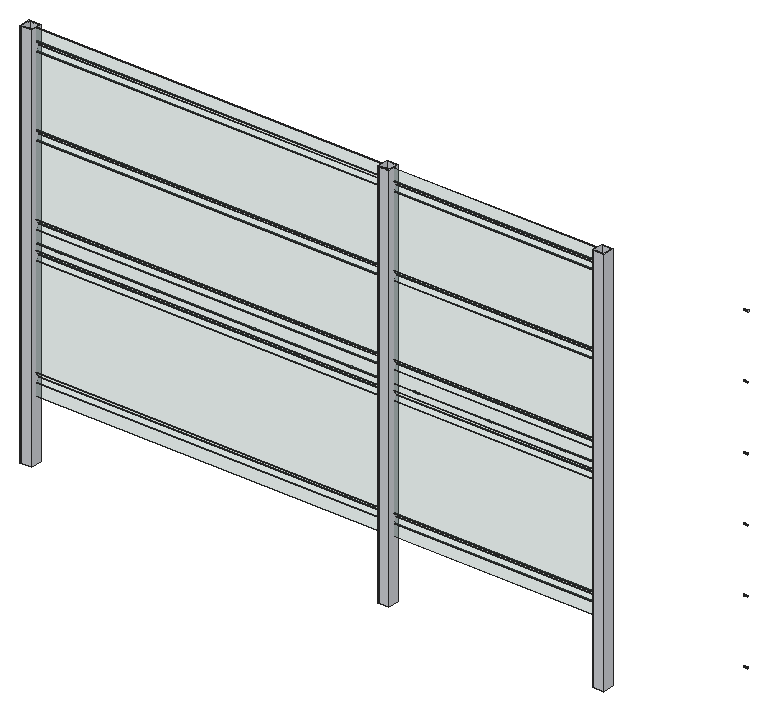
Revit family "Ограждение_Составное_Панель_3D_3100", category Специальное оборудование, Revit 2019
Family settings
  Размер круглого соединителя = Использовать диаметр
  Тип детали = Нормальный
  При загрузке вырезать с полостями = Нет
  Общий = Нет
  Точка расчета площади = Нет
Parameters (values of type "Панель 3100_Под бетон_Столб 100х100")
  Ячейка 50х200 [instance] = not(Ячейка 50х150)  # no
  Ячейка 50х150 [instance] = yes
  Ширина столба = 100 mm
  Ширина резаной [instance] = if(not(Шаг последнего столба - Ширина столба > 0 mm), 1 mm, Шаг последнего столба - Ширина столба)  # 1820 mm
  Ширина панели = 3100 mm
  Ширина 1ой панели [instance] = if([built-in parameter 1001306] < Шаг столбов, 1 mm, Шаг столбов - Ширина столба)  # 3100 mm
  Шаг столбов [instance] = Ширина панели + Ширина столба  # 3200 mm
  Условное обозначение [instance] = no
  Толщина стенки столба [instance] = 3 mm
  Тип крепежа [instance] = 2
  Таблица высот [instance] = "Таблица высот"  # constant formula
  С фланцем под В.О. = not(or(Под бетонирование, С фланцем))  # no
  С фланцем = no
  Показать последний [instance] = yes
  Показать первый [instance] = yes
  Шаг последнего столба [instance] = if(if(not([built-in parameter 1001306] > Шаг столбов), [built-in parameter 1001306], [built-in parameter 1001306] - (rounddown([built-in parameter 1001306] / Шаг столбов) * Шаг столбов)) = 0 mm, Шаг столбов, if(not([built-in parameter 1001306] > Шаг столбов), [built-in parameter 1001306], [built-in parameter 1001306] - (rounddown([built-in parameter 1001306] / Шаг столбов) * Шаг столбов)))  # 1920 mm
  Расчёт ячейки [instance] = if(Ячейка 50х200, 0, 1)  # 1
  Пруток D=6мм [instance] = not(or([Пруток D=4мм], [Пруток D=5мм]))  # no
  Пруток D=5мм [instance] = yes
  Пруток D=4мм [instance] = no
  Показать средний столб [instance] = N панелей = 2  # yes
  Под насадку число [instance] = if(Под насадку, 1, 0)  # 0
  Под насадку [instance] = no
  Под бетонирование = yes
  Отступ панели от основания = 40 mm
  Отступ панели = Ширина столба / 2  # 50 mm
  Инструкция [instance] = "https://docs.google.com/document/d/1Hms8PFiwyIDvWBDE-Iiht7COViz2qMQb2RMvPFaeq4U/edit#heading=h.gjdgxs"
  Изготовитель = [ADSK_Завод-изготовитель]  # "FENSYS"
  built-in parameter 1001306 [instance] = 5120 mm
  Диаметр сваи [instance] = 57 mm
  Группа модели = "Ограждение"  # constant formula
  Глубина столба = 100 mm
  Высота столба [instance] = Отступ панели от основания + Высота нижней панели + Высота верхней панели  # 3000 mm
  Высота сваи [instance] = 1000 mm
  Высота панели [instance] = Ограничитель высоты - 40 mm  # 2960 mm
  Расчет D прутка [instance] = if([Пруток D=4мм], 1, if([Пруток D=5мм], 2, 0))  # 2
  Высота нижней панели [instance] = Ограничитель высоты - 40 mm - Высота верхней панели  # 1230 mm
  Высота межпанельного крепежа [instance] = Высота нижней панели + 40 mm  # 1270 mm
  Ограничитель высоты [instance] = roundup(if(Высота забора < 3000 mm, 3000 mm, if(Высота забора > 4900 mm, 4900 mm, Высота забора)) / 100 mm) * 100 mm  # 3000 mm
  Высота забора [instance] = 3000 mm
  Высота верхней панели [instance] = size_lookup(Таблица высот, "Высота нижней панели", 500 mm, Ограничитель высоты)  # 1730 mm
  Выбор типа основания [instance] = if(Под бетонирование, 1, if(С фланцем, 2, 0))  # 1
  Видимость соединителей первой панели [instance] = and([built-in parameter 1001306] > Шаг столбов, [built-in parameter 1001306] < Шаг столбов * 2)  # yes
  Видимость массива соединителей последней панели [instance] = and(not(Шаг последнего столба - Ширина столба < 1000 mm), not([built-in parameter 1001306] = Шаг столбов * 2))  # yes
  Видимость одного соединителя последней панели [instance] = and(Шаг последнего столба - Ширина столба < 1000 mm, Шаг последнего столба - Ширина столба > 500 mm)  # no
  Видимость массива столбов [instance] = N панелей > 2  # no
  Видимость соединителей массива [instance] = not([built-in parameter 1001306] < Шаг столбов * 2)  # no
  Видимость массива панелей [instance] = N панелей > 2  # no
  Видимость 1ой панели [instance] = N панелей = 2  # yes
  URL = "https://www.fensys.ru/oprosnyy-list/"
  N столбов в массиве [instance] = if((N панелей - 1) < 2, 2, N панелей - 1)  # 2
  N панелей в массиве [instance] = if(N панелей > 2, N панелей - 1, 2)  # 2
  N панелей [instance] = if([built-in parameter 1001306] > Шаг столбов, roundup([built-in parameter 1001306] / Шаг столбов), 1)  # 2
  ADSK_Размер_Длина [instance] = [built-in parameter 1001306]  # 5120 mm
  ADSK_Наименование = "Ограждение составное 3д - Панель 3100_Под бетон_Столб 100х100"
  ADSK_Завод-изготовитель = "FENSYS"  # constant formula
  ADSK_Единица измерения = "м."  # constant formula
Reference planes
  plane 1 "По центру (Вперед/Назад)": y = 0
  plane 2: z = 0
  plane 3 "Слева": x = 0
  plane 4 "Справа": x = 5120
  plane 5 "Верх стойки": z = 3000
  plane 6: x = 3200
  plane 7: x = 6400
  plane 8 "ось предпоследнего столба": x = 3200
  plane 9 "Низ нижней панели": z = 40
  plane 10 "По центру Л/С": z = 1270
Lines and regions (mm)
  reference lines
    curve 1: line (0, 0, 0) -> (5120, 0, 0)
Dimensions and locks
  "built-in parameter 1001306": plane 3 "Слева" to plane 4 "Справа"
  "Ограничитель высоты": plane 5 "Верх стойки" to level
  "Шаг столбов": plane 3 "Слева" to plane 6
  "Шаг столбов": plane 6 to plane 7
  "Шаг последнего столба": plane 8 "ось предпоследнего столба" to plane 4 "Справа"
  group 1 to group 2 = 3200 mm
  group 1 to group 2 = 0 mm  (x2)
  group 3 to group 4 = 3200 mm
  group 3 to group 4 = 0 mm  (x2)
  locked: plane 9 "Низ нижней панели" to plane 2 at 40
  "Высота нижней панели": plane 10 "По центру Л/С" to plane 9 "Низ нижней панели"
  plane 5 "Верх стойки" to plane 9 "Низ нижней панели" = 2960 mm
  group 5 to group 6 = 3200 mm
  group 5 to group 6 = 0 mm  (x2)
  group 7 to group 8 = 3200 mm
  group 7 to group 8 = 0 mm  (x2)
  aligned and locked: plane 4 "Справа" to curve 1
  aligned and locked: plane 1 "По центру (Вперед/Назад)" to curve 1
  aligned and locked: plane 3 "Слева" to curve 1
  aligned and locked: level to plane 2
  aligned and locked: plane 3 "Слева" to nested 1
  aligned and locked: plane 1 "По центру (Вперед/Назад)" to nested 1
  aligned and locked: plane 6 to nested 2
  aligned and locked: curve 1 to nested 2
  aligned and locked: curve 1 to nested 3
  aligned and locked: plane 4 "Справа" to nested 4
  aligned and locked: plane 3 "Слева" to nested 5
  aligned and locked: plane 6 to nested 6
  aligned and locked: plane 1 "По центру (Вперед/Назад)" to nested 5
  aligned and locked: plane 1 "По центру (Вперед/Назад)" to nested 6
  aligned and locked: nested 7 to curve 1
  aligned and locked: plane 1 "По центру (Вперед/Назад)" to nested 7
  aligned and locked: plane 6 to nested 8
  aligned and locked: plane 6 to nested 7
  aligned and locked: plane 9 "Низ нижней панели" to nested 5
  aligned and locked: plane 9 "Низ нижней панели" to nested 8
  aligned and locked: plane 9 "Низ нижней панели" to nested 4
  aligned and locked: plane 9 "Низ нижней панели" to nested 7
  aligned and locked: plane 10 "По центру Л/С" to nested 26
  aligned and locked: plane 4 "Справа" to nested 26
  aligned and locked: nested 3 to plane 4 "Справа"
  aligned and locked: nested 26 to plane 10 "По центру Л/С"
  aligned and locked: plane 5 "Верх стойки" to nested 1  (x2)
  aligned and locked: plane 5 "Верх стойки" to nested 2
  aligned and locked: plane 5 "Верх стойки" to nested 3  (x2)
  aligned and locked: plane 10 "По центру Л/С" to nested 25
  aligned and locked: plane 10 "По центру Л/С" to nested 53
  aligned and locked: plane 7 to nested 44
  aligned and locked: plane 6 to nested 27
  aligned and locked: plane 10 "По центру Л/С" to nested 4  (x2)
  aligned and locked: plane 10 "По центру Л/С" to nested 27
  aligned and locked: nested 27 to plane 10 "По центру Л/С"
  aligned and locked: plane 10 "По центру Л/С" to nested 8  (x2)
  aligned and locked: plane 3 "Слева" to nested 54
  aligned and locked: plane 6 to nested 55
  aligned and locked: plane 8 "ось предпоследнего столба" to nested 56
  aligned and locked: plane 3 "Слева" to nested 57
  aligned and locked: plane 1 "По центру (Вперед/Назад)" to nested 54
  aligned and locked: plane 1 "По центру (Вперед/Назад)" to nested 55
  aligned and locked: plane 1 "По центру (Вперед/Назад)" to nested 56
  aligned and locked: plane 1 "По центру (Вперед/Назад)" to nested 57
  aligned and locked: plane 5 "Верх стойки" to nested 6
Nested families
  nested 1: "В_Столб" at (0, 0, 0), visible <- "Показать первый", ADSK_Размер_Толщина стенки <- "Толщина стенки столба", ADSK_Размер_Глубина <- "Глубина столба", Диаметр сваи <- "Диаметр сваи", Высота сваи <- "Высота сваи", Под бетонирование <- "Под бетонирование", С фланцем <- "С фланцем", С фланцем под в.о. <- "С фланцем под В.О.", ADSK_Размер_Ширина <- "Ширина столба", ADSK_Комплект <- "Группа модели", Под насадку <- "Под насадку", Тип крепежа <- "Тип крепежа", Условное обозначение <- "Условное обозначение", Высота забора <- "Ограничитель высоты", type "Столб"
    with Условное обозначение no, Тип крепежа 2, Таблица "Столб новый", С фланцем под в.о. no, С фланцем no, Под насадку число 1, Под насадку no, Под бетонирование yes, Ограничитель крепежа 2, Крепеж в массиве 6, Длина под бетонирование 500 mm, Диаметр сваи 57 mm, Высота сваи 1000 mm, Высота забора 3000 mm, Выбор типа крепления 1, N крепежа в массиве 6, ADSK_Размер_Ширина 100 mm, ADSK_Размер_Толщина стенки 3 mm, ADSK_Размер_Глубина 100 mm, ADSK_Размер_Высота 3000 mm, ADSK_Обозначение "SI", ADSK_Наименование "Столб ограждения (под насадку): профиль 100x100x3 мм, L= 3000 мм, под бетонирование", ADSK_Масса 27.9, ADSK_Комплект "Ограждение", ADSK_Код изделия "21731N"
  nested 2: "В_Столб" at (3200, 0, 0), visible <- "Показать средний столб", ADSK_Размер_Толщина стенки <- "Толщина стенки столба", ADSK_Размер_Глубина <- "Глубина столба", Диаметр сваи <- "Диаметр сваи", Высота сваи <- "Высота сваи", Под бетонирование <- "Под бетонирование", С фланцем <- "С фланцем", С фланцем под в.о. <- "С фланцем под В.О.", ADSK_Размер_Ширина <- "Ширина столба", ADSK_Комплект <- "Группа модели", Под насадку <- "Под насадку", Тип крепежа <- "Тип крепежа", Условное обозначение <- "Условное обозначение", Высота забора <- "Ограничитель высоты", type "Столб"
    with Условное обозначение no, Тип крепежа 2, Таблица "Столб новый", С фланцем под в.о. no, С фланцем no, Под насадку число 1, Под насадку no, Под бетонирование yes, Ограничитель крепежа 2, Крепеж в массиве 6, Длина под бетонирование 500 mm, Диаметр сваи 57 mm, Высота сваи 1000 mm, Высота забора 3000 mm, Выбор типа крепления 1, N крепежа в массиве 6, ADSK_Размер_Ширина 100 mm, ADSK_Размер_Толщина стенки 3 mm, ADSK_Размер_Глубина 100 mm, ADSK_Размер_Высота 3000 mm, ADSK_Обозначение "SI", ADSK_Наименование "Столб ограждения (под насадку): профиль 100x100x3 мм, L= 3000 мм, под бетонирование", ADSK_Масса 27.9, ADSK_Комплект "Ограждение", ADSK_Код изделия "21731N"
  nested 3: "В_Столб" at (5120, 0, 0), visible <- "Показать последний", ADSK_Размер_Толщина стенки <- "Толщина стенки столба", ADSK_Размер_Глубина <- "Глубина столба", Диаметр сваи <- "Диаметр сваи", Высота сваи <- "Высота сваи", Под бетонирование <- "Под бетонирование", С фланцем <- "С фланцем", С фланцем под в.о. <- "С фланцем под В.О.", ADSK_Размер_Ширина <- "Ширина столба", ADSK_Комплект <- "Группа модели", Под насадку <- "Под насадку", Тип крепежа <- "Тип крепежа", Условное обозначение <- "Условное обозначение", Высота забора <- "Ограничитель высоты", type "Столб"
    with Условное обозначение no, Тип крепежа 2, Таблица "Столб новый", С фланцем под в.о. no, С фланцем no, Под насадку число 1, Под насадку no, Под бетонирование yes, Ограничитель крепежа 2, Крепеж в массиве 6, Длина под бетонирование 500 mm, Диаметр сваи 57 mm, Высота сваи 1000 mm, Высота забора 3000 mm, Выбор типа крепления 1, N крепежа в массиве 6, ADSK_Размер_Ширина 100 mm, ADSK_Размер_Толщина стенки 3 mm, ADSK_Размер_Глубина 100 mm, ADSK_Размер_Высота 3000 mm, ADSK_Обозначение "SI", ADSK_Наименование "Столб ограждения (под насадку): профиль 100x100x3 мм, L= 3000 мм, под бетонирование", ADSK_Масса 27.9, ADSK_Комплект "Ограждение", ADSK_Код изделия "21731N"
  nested 4: "В_Панель" at (3200, 0, 0), ADSK_Размер_Высота <- "Высота нижней панели", Отступ панели от основания <- "Отступ панели от основания", Отступ панели <- "Отступ панели", Размер ячейки <- "Расчёт ячейки", Размер прутка <- "Расчет D прутка", ADSK_Размер_Ширина <- "Ширина резаной", Тип крепежа <- "Тип крепежа", ADSK_Комплект <- "Группа модели", type "Панель 2500"
    with Тип крепежа 2, Таблица масса "Панель масса", Расчетная длина 1920 mm, Размер ячейки 1, Размер прутка 2, Отступ панели от основания 40 mm, Отступ панели 50 mm, Высота дубляж 1230 mm, Высота V5 3030 mm, Высота V4 2830 mm, Высота V3 1930 mm, Высота V2 1230 mm, V5 no, V4 no, V3 no, V2 yes, ADSK_Размер_Ширина 1820 mm, ADSK_Размер_Высота 1230 mm, ADSK_Примечание "", ADSK_Обозначение "GUARD-G", ADSK_Наименование "Панель под подрезку", ADSK_Масса 0, ADSK_Комплект "Ограждение", ADSK_Код изделия " "
  nested 5: "В_Панель" at (0, 0, 0), ADSK_Размер_Высота <- "Высота нижней панели", Отступ панели от основания <- "Отступ панели от основания", Отступ панели <- "Отступ панели", visible <- "Видимость массива панелей", Размер ячейки <- "Расчёт ячейки", Размер прутка <- "Расчет D прутка", Тип крепежа <- "Тип крепежа", ADSK_Комплект <- "Группа модели", ADSK_Размер_Ширина <- "Ширина панели", type "Панель 2500"
    with Тип крепежа 2, Таблица масса "Панель масса", Расчетная длина 3200 mm, Размер ячейки 1, Размер прутка 2, Отступ панели от основания 40 mm, Отступ панели 50 mm, Высота дубляж 1230 mm, Высота V5 3030 mm, Высота V4 2830 mm, Высота V3 1930 mm, Высота V2 1230 mm, V5 no, V4 no, V3 no, V2 yes, ADSK_Размер_Ширина 3100 mm, ADSK_Размер_Высота 1230 mm, ADSK_Примечание "", ADSK_Обозначение "GUARD-G", ADSK_Наименование "Панель 3D серии GUARD-T: HxW (высота х ширина) 1230x3105 (+-2) мм, пруток D=5 мм, ячейка = 50х150 мм, V-образных изгибов 2", ADSK_Масса 17, ADSK_Комплект "Ограждение", ADSK_Код изделия "20004"
  nested 6: "В_Столб" at (3200, 0, 0), visible <- "Видимость массива столбов", ADSK_Размер_Толщина стенки <- "Толщина стенки столба", ADSK_Размер_Глубина <- "Глубина столба", Диаметр сваи <- "Диаметр сваи", Высота сваи <- "Высота сваи", Под бетонирование <- "Под бетонирование", С фланцем <- "С фланцем", С фланцем под в.о. <- "С фланцем под В.О.", ADSK_Размер_Ширина <- "Ширина столба", ADSK_Комплект <- "Группа модели", Под насадку <- "Под насадку", Тип крепежа <- "Тип крепежа", Условное обозначение <- "Условное обозначение", Высота забора <- "Ограничитель высоты", type "Столб"
    with Условное обозначение no, Тип крепежа 2, Таблица "Столб новый", С фланцем под в.о. no, С фланцем no, Под насадку число 1, Под насадку no, Под бетонирование yes, Ограничитель крепежа 2, Крепеж в массиве 6, Длина под бетонирование 500 mm, Диаметр сваи 57 mm, Высота сваи 1000 mm, Высота забора 3000 mm, Выбор типа крепления 1, N крепежа в массиве 6, ADSK_Размер_Ширина 100 mm, ADSK_Размер_Толщина стенки 3 mm, ADSK_Размер_Глубина 100 mm, ADSK_Размер_Высота 3000 mm, ADSK_Обозначение "SI", ADSK_Наименование "Столб ограждения (под насадку): профиль 100x100x3 мм, L= 3000 мм, под бетонирование", ADSK_Масса 27.9, ADSK_Комплект "Ограждение", ADSK_Код изделия "21731N"
  nested 7: "В_Панель" at (0, 0, 0), ADSK_Размер_Высота <- "Высота нижней панели", Отступ панели от основания <- "Отступ панели от основания", Отступ панели <- "Отступ панели", visible <- "Видимость 1ой панели", Размер ячейки <- "Расчёт ячейки", Размер прутка <- "Расчет D прутка", Тип крепежа <- "Тип крепежа", ADSK_Комплект <- "Группа модели", ADSK_Размер_Ширина <- "Ширина 1ой панели", type "Панель 2500"
    with Тип крепежа 2, Таблица масса "Панель масса", Расчетная длина 3200 mm, Размер ячейки 1, Размер прутка 2, Отступ панели от основания 40 mm, Отступ панели 50 mm, Высота дубляж 1230 mm, Высота V5 3030 mm, Высота V4 2830 mm, Высота V3 1930 mm, Высота V2 1230 mm, V5 no, V4 no, V3 no, V2 yes, ADSK_Размер_Ширина 3100 mm, ADSK_Размер_Высота 1230 mm, ADSK_Примечание "", ADSK_Обозначение "GUARD-G", ADSK_Наименование "Панель 3D серии GUARD-T: HxW (высота х ширина) 1230x3105 (+-2) мм, пруток D=5 мм, ячейка = 50х150 мм, V-образных изгибов 2", ADSK_Масса 17, ADSK_Комплект "Ограждение", ADSK_Код изделия "20004"
  nested 8: "В_Панель" at (3200, 0, 0), ADSK_Размер_Высота <- "Высота нижней панели", Отступ панели от основания <- "Отступ панели от основания", Отступ панели <- "Отступ панели", visible <- "Видимость массива панелей", Размер ячейки <- "Расчёт ячейки", Размер прутка <- "Расчет D прутка", Тип крепежа <- "Тип крепежа", ADSK_Комплект <- "Группа модели", ADSK_Размер_Ширина <- "Ширина панели", type "Панель 2500"
    with Тип крепежа 2, Таблица масса "Панель масса", Расчетная длина 3200 mm, Размер ячейки 1, Размер прутка 2, Отступ панели от основания 40 mm, Отступ панели 50 mm, Высота дубляж 1230 mm, Высота V5 3030 mm, Высота V4 2830 mm, Высота V3 1930 mm, Высота V2 1230 mm, V5 no, V4 no, V3 no, V2 yes, ADSK_Размер_Ширина 3100 mm, ADSK_Размер_Высота 1230 mm, ADSK_Примечание "", ADSK_Обозначение "GUARD-G", ADSK_Наименование "Панель 3D серии GUARD-T: HxW (высота х ширина) 1230x3105 (+-2) мм, пруток D=5 мм, ячейка = 50х150 мм, V-образных изгибов 2", ADSK_Масса 17, ADSK_Комплект "Ограждение", ADSK_Код изделия "20004"
  nested 9: "В_Крепеж" at (0, 0, 2965), type "Крепеж"
    with Ширина столба 0 mm, Тип крепежа 2, Путь к таблице "Таблица крепежей", Видимость метизов yes, Y насадка no, ADSK_Обозначение "Крепеж", ADSK_Наименование "Скоба F50", ADSK_Комплект "Ограждение", ADSK_Количество 1, ADSK_Код изделия "8903K"
  nested 10: "В_Крепеж" at (0, 0, 104.903), type "Крепеж"
    with Ширина столба 0 mm, Тип крепежа 2, Путь к таблице "Таблица крепежей", Видимость метизов yes, Y насадка no, ADSK_Обозначение "Крепеж", ADSK_Наименование "Скоба F50", ADSK_Комплект "Ограждение", ADSK_Количество 1, ADSK_Код изделия "8903K"
  nested 11: "В_Крепеж" at (3200, 0, 2965), type "Крепеж"
    with Ширина столба 0 mm, Тип крепежа 2, Путь к таблице "Таблица крепежей", Видимость метизов yes, Y насадка no, ADSK_Обозначение "Крепеж", ADSK_Наименование "Скоба F50", ADSK_Комплект "Ограждение", ADSK_Количество 1, ADSK_Код изделия "8903K"
  nested 12: "В_Крепеж" at (3200, 0, 104.903), type "Крепеж"
    with Ширина столба 0 mm, Тип крепежа 2, Путь к таблице "Таблица крепежей", Видимость метизов yes, Y насадка no, ADSK_Обозначение "Крепеж", ADSK_Наименование "Скоба F50", ADSK_Комплект "Ограждение", ADSK_Количество 1, ADSK_Код изделия "8903K"
  nested 13: "В_Крепеж" at (5120, 0, 2965), type "Крепеж"
    with Ширина столба 0 mm, Тип крепежа 2, Путь к таблице "Таблица крепежей", Видимость метизов yes, Y насадка no, ADSK_Обозначение "Крепеж", ADSK_Наименование "Скоба F50", ADSK_Комплект "Ограждение", ADSK_Количество 1, ADSK_Код изделия "8903K"
  nested 14: "В_Крепеж" at (5120, 0, 104.903), type "Крепеж"
    with Ширина столба 0 mm, Тип крепежа 2, Путь к таблице "Таблица крепежей", Видимость метизов yes, Y насадка no, ADSK_Обозначение "Крепеж", ADSK_Наименование "Скоба F50", ADSK_Комплект "Ограждение", ADSK_Количество 1, ADSK_Код изделия "8903K"
  nested 15: "В_Крепеж" at (3200, 0, 2965), type "Крепеж"
    with Ширина столба 0 mm, Тип крепежа 2, Путь к таблице "Таблица крепежей", Видимость метизов yes, Y насадка no, ADSK_Обозначение "Крепеж", ADSK_Наименование "Скоба F50", ADSK_Комплект "Ограждение", ADSK_Количество 1, ADSK_Код изделия "8903K"
  nested 16: "В_Крепеж" at (3200, 0, 104.903), type "Крепеж"
    with Ширина столба 0 mm, Тип крепежа 2, Путь к таблице "Таблица крепежей", Видимость метизов yes, Y насадка no, ADSK_Обозначение "Крепеж", ADSK_Наименование "Скоба F50", ADSK_Комплект "Ограждение", ADSK_Количество 1, ADSK_Код изделия "8903K"
  nested 17: "В_Метизы" at (20, 0, 2965), type "Метизы"
    with Тип крепежа 2, Путь к таблице "Таблица метизов", ADSK_Наименование "Комплект метизов «В» для крепления скобы из нержавеющей стали (Винт М8х30 ISO 7380 А2   - 4 шт., Шайба D8 DIN 125 А2-70 - 4 шт.,Шайба 8 DIN 127 нерж.)", ADSK_Комплект "Ограждение", ADSK_Количество 1, ADSK_Код изделия "8923"
  nested 18: "В_Метизы" at (20, 0, 104.903), type "Метизы"
    with Тип крепежа 2, Путь к таблице "Таблица метизов", ADSK_Наименование "Комплект метизов «В» для крепления скобы из нержавеющей стали (Винт М8х30 ISO 7380 А2   - 4 шт., Шайба D8 DIN 125 А2-70 - 4 шт.,Шайба 8 DIN 127 нерж.)", ADSK_Комплект "Ограждение", ADSK_Количество 1, ADSK_Код изделия "8923"
  nested 19: "В_Метизы" at (3220, 0, 2965), type "Метизы"
    with Тип крепежа 2, Путь к таблице "Таблица метизов", ADSK_Наименование "Комплект метизов «В» для крепления скобы из нержавеющей стали (Винт М8х30 ISO 7380 А2   - 4 шт., Шайба D8 DIN 125 А2-70 - 4 шт.,Шайба 8 DIN 127 нерж.)", ADSK_Комплект "Ограждение", ADSK_Количество 1, ADSK_Код изделия "8923"
  nested 20: "В_Метизы" at (3220, 0, 104.903), type "Метизы"
    with Тип крепежа 2, Путь к таблице "Таблица метизов", ADSK_Наименование "Комплект метизов «В» для крепления скобы из нержавеющей стали (Винт М8х30 ISO 7380 А2   - 4 шт., Шайба D8 DIN 125 А2-70 - 4 шт.,Шайба 8 DIN 127 нерж.)", ADSK_Комплект "Ограждение", ADSK_Количество 1, ADSK_Код изделия "8923"
  nested 21: "В_Метизы" at (5140, 0, 2965), type "Метизы"
    with Тип крепежа 2, Путь к таблице "Таблица метизов", ADSK_Наименование "Комплект метизов «В» для крепления скобы из нержавеющей стали (Винт М8х30 ISO 7380 А2   - 4 шт., Шайба D8 DIN 125 А2-70 - 4 шт.,Шайба 8 DIN 127 нерж.)", ADSK_Комплект "Ограждение", ADSK_Количество 1, ADSK_Код изделия "8923"
  nested 22: "В_Метизы" at (5140, 0, 104.903), type "Метизы"
    with Тип крепежа 2, Путь к таблице "Таблица метизов", ADSK_Наименование "Комплект метизов «В» для крепления скобы из нержавеющей стали (Винт М8х30 ISO 7380 А2   - 4 шт., Шайба D8 DIN 125 А2-70 - 4 шт.,Шайба 8 DIN 127 нерж.)", ADSK_Комплект "Ограждение", ADSK_Количество 1, ADSK_Код изделия "8923"
  nested 23: "В_Метизы" at (3220, 0, 2965), type "Метизы"
    with Тип крепежа 2, Путь к таблице "Таблица метизов", ADSK_Наименование "Комплект метизов «В» для крепления скобы из нержавеющей стали (Винт М8х30 ISO 7380 А2   - 4 шт., Шайба D8 DIN 125 А2-70 - 4 шт.,Шайба 8 DIN 127 нерж.)", ADSK_Комплект "Ограждение", ADSK_Количество 1, ADSK_Код изделия "8923"
  nested 24: "В_Метизы" at (3220, 0, 104.903), type "Метизы"
    with Тип крепежа 2, Путь к таблице "Таблица метизов", ADSK_Наименование "Комплект метизов «В» для крепления скобы из нержавеющей стали (Винт М8х30 ISO 7380 А2   - 4 шт., Шайба D8 DIN 125 А2-70 - 4 шт.,Шайба 8 DIN 127 нерж.)", ADSK_Комплект "Ограждение", ADSK_Количество 1, ADSK_Код изделия "8923"
  nested 25: "В_Панель" at (0, 0, 1230), ADSK_Размер_Высота <- "Высота верхней панели", Отступ панели от основания <- "Отступ панели от основания", Отступ панели <- "Отступ панели", visible <- "Видимость массива панелей", Размер ячейки <- "Расчёт ячейки", Размер прутка <- "Расчет D прутка", Тип крепежа <- "Тип крепежа", ADSK_Комплект <- "Группа модели", ADSK_Размер_Ширина <- "Ширина панели", type "Панель 2500"
    with Тип крепежа 2, Таблица масса "Панель масса", Расчетная длина 3200 mm, Размер ячейки 1, Размер прутка 2, Отступ панели от основания 40 mm, Отступ панели 50 mm, Высота дубляж 2830 mm, Высота V5 3030 mm, Высота V4 2830 mm, Высота V3 1730 mm, Высота V2 1430 mm, V5 no, V4 no, V3 yes, V2 no, ADSK_Размер_Ширина 3100 mm, ADSK_Размер_Высота 1730 mm, ADSK_Примечание "", ADSK_Обозначение "GUARD-G", ADSK_Наименование "Панель 3D серии GUARD-T: HxW (высота х ширина) 1730x3105 (+-2) мм, пруток D=5 мм, ячейка = 50х150 мм, V-образных изгибов 3", ADSK_Масса 24, ADSK_Комплект "Ограждение", ADSK_Код изделия "20009"
  nested 26: "В_Панель" at (3200, 0, 1230), ADSK_Размер_Высота <- "Высота верхней панели", Отступ панели от основания <- "Отступ панели от основания", Отступ панели <- "Отступ панели", Размер ячейки <- "Расчёт ячейки", Размер прутка <- "Расчет D прутка", ADSK_Размер_Ширина <- "Ширина резаной", Тип крепежа <- "Тип крепежа", ADSK_Комплект <- "Группа модели", type "Панель 2500"
    with Тип крепежа 2, Таблица масса "Панель масса", Расчетная длина 1920 mm, Размер ячейки 1, Размер прутка 2, Отступ панели от основания 40 mm, Отступ панели 50 mm, Высота дубляж 2830 mm, Высота V5 3030 mm, Высота V4 2830 mm, Высота V3 1730 mm, Высота V2 1430 mm, V5 no, V4 no, V3 yes, V2 no, ADSK_Размер_Ширина 1820 mm, ADSK_Размер_Высота 1730 mm, ADSK_Примечание "", ADSK_Обозначение "GUARD-G", ADSK_Наименование "Панель под подрезку", ADSK_Масса 0, ADSK_Комплект "Ограждение", ADSK_Код изделия " "
  nested 27: "В_Панель" at (3200, 0, 1230), ADSK_Размер_Высота <- "Высота верхней панели", Отступ панели от основания <- "Отступ панели от основания", Отступ панели <- "Отступ панели", visible <- "Видимость массива панелей", Размер ячейки <- "Расчёт ячейки", Размер прутка <- "Расчет D прутка", Тип крепежа <- "Тип крепежа", ADSK_Комплект <- "Группа модели", ADSK_Размер_Ширина <- "Ширина панели", type "Панель 2500"
    with Тип крепежа 2, Таблица масса "Панель масса", Расчетная длина 3200 mm, Размер ячейки 1, Размер прутка 2, Отступ панели от основания 40 mm, Отступ панели 50 mm, Высота дубляж 2830 mm, Высота V5 3030 mm, Высота V4 2830 mm, Высота V3 1730 mm, Высота V2 1430 mm, V5 no, V4 no, V3 yes, V2 no, ADSK_Размер_Ширина 3100 mm, ADSK_Размер_Высота 1730 mm, ADSK_Примечание "", ADSK_Обозначение "GUARD-G", ADSK_Наименование "Панель 3D серии GUARD-T: HxW (высота х ширина) 1730x3105 (+-2) мм, пруток D=5 мм, ячейка = 50х150 мм, V-образных изгибов 3", ADSK_Масса 24, ADSK_Комплект "Ограждение", ADSK_Код изделия "20009"
  nested 28: "В_Крепеж" at (0, 0, 676.923), type "Крепеж"
    with Ширина столба 0 mm, Тип крепежа 2, Путь к таблице "Таблица крепежей", Видимость метизов yes, Y насадка no, ADSK_Обозначение "Крепеж", ADSK_Наименование "Скоба F50", ADSK_Комплект "Ограждение", ADSK_Количество 1, ADSK_Код изделия "8903K"
  nested 29: "В_Метизы" at (20, 0, 676.923), type "Метизы"
    with Тип крепежа 2, Путь к таблице "Таблица метизов", ADSK_Наименование "Комплект метизов «В» для крепления скобы из нержавеющей стали (Винт М8х30 ISO 7380 А2   - 4 шт., Шайба D8 DIN 125 А2-70 - 4 шт.,Шайба 8 DIN 127 нерж.)", ADSK_Комплект "Ограждение", ADSK_Количество 1, ADSK_Код изделия "8923"
  nested 30: "В_Крепеж" at (3200, 0, 676.923), type "Крепеж"
    with Ширина столба 0 mm, Тип крепежа 2, Путь к таблице "Таблица крепежей", Видимость метизов yes, Y насадка no, ADSK_Обозначение "Крепеж", ADSK_Наименование "Скоба F50", ADSK_Комплект "Ограждение", ADSK_Количество 1, ADSK_Код изделия "8903K"
  nested 31: "В_Метизы" at (3220, 0, 676.923), type "Метизы"
    with Тип крепежа 2, Путь к таблице "Таблица метизов", ADSK_Наименование "Комплект метизов «В» для крепления скобы из нержавеющей стали (Винт М8х30 ISO 7380 А2   - 4 шт., Шайба D8 DIN 125 А2-70 - 4 шт.,Шайба 8 DIN 127 нерж.)", ADSK_Комплект "Ограждение", ADSK_Количество 1, ADSK_Код изделия "8923"
  nested 32: "В_Крепеж" at (3200, 0, 676.923), type "Крепеж"
    with Ширина столба 0 mm, Тип крепежа 2, Путь к таблице "Таблица крепежей", Видимость метизов yes, Y насадка no, ADSK_Обозначение "Крепеж", ADSK_Наименование "Скоба F50", ADSK_Комплект "Ограждение", ADSK_Количество 1, ADSK_Код изделия "8903K"
  nested 33: "В_Метизы" at (3220, 0, 676.923), type "Метизы"
    with Тип крепежа 2, Путь к таблице "Таблица метизов", ADSK_Наименование "Комплект метизов «В» для крепления скобы из нержавеющей стали (Винт М8х30 ISO 7380 А2   - 4 шт., Шайба D8 DIN 125 А2-70 - 4 шт.,Шайба 8 DIN 127 нерж.)", ADSK_Комплект "Ограждение", ADSK_Количество 1, ADSK_Код изделия "8923"
  nested 34: "В_Крепеж" at (0, 0, 1248.942), type "Крепеж"
    with Ширина столба 0 mm, Тип крепежа 2, Путь к таблице "Таблица крепежей", Видимость метизов yes, Y насадка no, ADSK_Обозначение "Крепеж", ADSK_Наименование "Скоба F50", ADSK_Комплект "Ограждение", ADSK_Количество 1, ADSK_Код изделия "8903K"
  nested 35: "В_Метизы" at (20, 0, 1248.942), type "Метизы"
    with Тип крепежа 2, Путь к таблице "Таблица метизов", ADSK_Наименование "Комплект метизов «В» для крепления скобы из нержавеющей стали (Винт М8х30 ISO 7380 А2   - 4 шт., Шайба D8 DIN 125 А2-70 - 4 шт.,Шайба 8 DIN 127 нерж.)", ADSK_Комплект "Ограждение", ADSK_Количество 1, ADSK_Код изделия "8923"
  nested 36: "В_Крепеж" at (3200, 0, 1248.942), type "Крепеж"
    with Ширина столба 0 mm, Тип крепежа 2, Путь к таблице "Таблица крепежей", Видимость метизов yes, Y насадка no, ADSK_Обозначение "Крепеж", ADSK_Наименование "Скоба F50", ADSK_Комплект "Ограждение", ADSK_Количество 1, ADSK_Код изделия "8903K"
  nested 37: "В_Метизы" at (3220, 0, 1248.942), type "Метизы"
    with Тип крепежа 2, Путь к таблице "Таблица метизов", ADSK_Наименование "Комплект метизов «В» для крепления скобы из нержавеющей стали (Винт М8х30 ISO 7380 А2   - 4 шт., Шайба D8 DIN 125 А2-70 - 4 шт.,Шайба 8 DIN 127 нерж.)", ADSK_Комплект "Ограждение", ADSK_Количество 1, ADSK_Код изделия "8923"
  nested 38: "В_Крепеж" at (5120, 0, 1248.942), type "Крепеж"
    with Ширина столба 0 mm, Тип крепежа 2, Путь к таблице "Таблица крепежей", Видимость метизов yes, Y насадка no, ADSK_Обозначение "Крепеж", ADSK_Наименование "Скоба F50", ADSK_Комплект "Ограждение", ADSK_Количество 1, ADSK_Код изделия "8903K"
  nested 39: "В_Крепеж" at (5120, 0, 676.923), type "Крепеж"
    with Ширина столба 0 mm, Тип крепежа 2, Путь к таблице "Таблица крепежей", Видимость метизов yes, Y насадка no, ADSK_Обозначение "Крепеж", ADSK_Наименование "Скоба F50", ADSK_Комплект "Ограждение", ADSK_Количество 1, ADSK_Код изделия "8903K"
  nested 40: "В_Метизы" at (5140, 0, 1248.942), type "Метизы"
    with Тип крепежа 2, Путь к таблице "Таблица метизов", ADSK_Наименование "Комплект метизов «В» для крепления скобы из нержавеющей стали (Винт М8х30 ISO 7380 А2   - 4 шт., Шайба D8 DIN 125 А2-70 - 4 шт.,Шайба 8 DIN 127 нерж.)", ADSK_Комплект "Ограждение", ADSK_Количество 1, ADSK_Код изделия "8923"
  nested 41: "В_Метизы" at (5140, 0, 676.923), type "Метизы"
    with Тип крепежа 2, Путь к таблице "Таблица метизов", ADSK_Наименование "Комплект метизов «В» для крепления скобы из нержавеющей стали (Винт М8х30 ISO 7380 А2   - 4 шт., Шайба D8 DIN 125 А2-70 - 4 шт.,Шайба 8 DIN 127 нерж.)", ADSK_Комплект "Ограждение", ADSK_Количество 1, ADSK_Код изделия "8923"
  nested 42: "В_Крепеж" at (3200, 0, 1248.942), type "Крепеж"
    with Ширина столба 0 mm, Тип крепежа 2, Путь к таблице "Таблица крепежей", Видимость метизов yes, Y насадка no, ADSK_Обозначение "Крепеж", ADSK_Наименование "Скоба F50", ADSK_Комплект "Ограждение", ADSK_Количество 1, ADSK_Код изделия "8903K"
  nested 43: "В_Метизы" at (3220, 0, 1248.942), type "Метизы"
    with Тип крепежа 2, Путь к таблице "Таблица метизов", ADSK_Наименование "Комплект метизов «В» для крепления скобы из нержавеющей стали (Винт М8х30 ISO 7380 А2   - 4 шт., Шайба D8 DIN 125 А2-70 - 4 шт.,Шайба 8 DIN 127 нерж.)", ADSK_Комплект "Ограждение", ADSK_Количество 1, ADSK_Код изделия "8923"
  nested 44: "В_Столб" at (6400, 0, 0), visible <- "Видимость массива столбов", ADSK_Размер_Толщина стенки <- "Толщина стенки столба", ADSK_Размер_Глубина <- "Глубина столба", Диаметр сваи <- "Диаметр сваи", Высота сваи <- "Высота сваи", Под бетонирование <- "Под бетонирование", С фланцем <- "С фланцем", С фланцем под в.о. <- "С фланцем под В.О.", ADSK_Размер_Ширина <- "Ширина столба", ADSK_Комплект <- "Группа модели", Под насадку <- "Под насадку", Тип крепежа <- "Тип крепежа", Условное обозначение <- "Условное обозначение", Высота забора <- "Ограничитель высоты", type "Столб"
    with Условное обозначение no, Тип крепежа 2, Таблица "Столб новый", С фланцем под в.о. no, С фланцем no, Под насадку число 1, Под насадку no, Под бетонирование yes, Ограничитель крепежа 2, Крепеж в массиве 6, Длина под бетонирование 500 mm, Диаметр сваи 57 mm, Высота сваи 1000 mm, Высота забора 3000 mm, Выбор типа крепления 1, N крепежа в массиве 6, ADSK_Размер_Ширина 100 mm, ADSK_Размер_Толщина стенки 3 mm, ADSK_Размер_Глубина 100 mm, ADSK_Размер_Высота 3000 mm, ADSK_Обозначение "SI", ADSK_Наименование "Столб ограждения (под насадку): профиль 100x100x3 мм, L= 3000 мм, под бетонирование", ADSK_Масса 27.9, ADSK_Комплект "Ограждение", ADSK_Код изделия "21731N"
  nested 45: "В_Крепеж" at (6400, 0, 2965), type "Крепеж"
    with Ширина столба 0 mm, Тип крепежа 2, Путь к таблице "Таблица крепежей", Видимость метизов yes, Y насадка no, ADSK_Обозначение "Крепеж", ADSK_Наименование "Скоба F50", ADSK_Комплект "Ограждение", ADSK_Количество 1, ADSK_Код изделия "8903K"
  nested 46: "В_Крепеж" at (6400, 0, 104.903), type "Крепеж"
    with Ширина столба 0 mm, Тип крепежа 2, Путь к таблице "Таблица крепежей", Видимость метизов yes, Y насадка no, ADSK_Обозначение "Крепеж", ADSK_Наименование "Скоба F50", ADSK_Комплект "Ограждение", ADSK_Количество 1, ADSK_Код изделия "8903K"
  nested 47: "В_Метизы" at (6420, 0, 2965), type "Метизы"
    with Тип крепежа 2, Путь к таблице "Таблица метизов", ADSK_Наименование "Комплект метизов «В» для крепления скобы из нержавеющей стали (Винт М8х30 ISO 7380 А2   - 4 шт., Шайба D8 DIN 125 А2-70 - 4 шт.,Шайба 8 DIN 127 нерж.)", ADSK_Комплект "Ограждение", ADSK_Количество 1, ADSK_Код изделия "8923"
  nested 48: "В_Метизы" at (6420, 0, 104.903), type "Метизы"
    with Тип крепежа 2, Путь к таблице "Таблица метизов", ADSK_Наименование "Комплект метизов «В» для крепления скобы из нержавеющей стали (Винт М8х30 ISO 7380 А2   - 4 шт., Шайба D8 DIN 125 А2-70 - 4 шт.,Шайба 8 DIN 127 нерж.)", ADSK_Комплект "Ограждение", ADSK_Количество 1, ADSK_Код изделия "8923"
  nested 49: "В_Крепеж" at (6400, 0, 676.923), type "Крепеж"
    with Ширина столба 0 mm, Тип крепежа 2, Путь к таблице "Таблица крепежей", Видимость метизов yes, Y насадка no, ADSK_Обозначение "Крепеж", ADSK_Наименование "Скоба F50", ADSK_Комплект "Ограждение", ADSK_Количество 1, ADSK_Код изделия "8903K"
  nested 50: "В_Метизы" at (6420, 0, 676.923), type "Метизы"
    with Тип крепежа 2, Путь к таблице "Таблица метизов", ADSK_Наименование "Комплект метизов «В» для крепления скобы из нержавеющей стали (Винт М8х30 ISO 7380 А2   - 4 шт., Шайба D8 DIN 125 А2-70 - 4 шт.,Шайба 8 DIN 127 нерж.)", ADSK_Комплект "Ограждение", ADSK_Количество 1, ADSK_Код изделия "8923"
  nested 51: "В_Крепеж" at (6400, 0, 1248.942), type "Крепеж"
    with Ширина столба 0 mm, Тип крепежа 2, Путь к таблице "Таблица крепежей", Видимость метизов yes, Y насадка no, ADSK_Обозначение "Крепеж", ADSK_Наименование "Скоба F50", ADSK_Комплект "Ограждение", ADSK_Количество 1, ADSK_Код изделия "8903K"
  nested 52: "В_Метизы" at (6420, 0, 1248.942), type "Метизы"
    with Тип крепежа 2, Путь к таблице "Таблица метизов", ADSK_Наименование "Комплект метизов «В» для крепления скобы из нержавеющей стали (Винт М8х30 ISO 7380 А2   - 4 шт., Шайба D8 DIN 125 А2-70 - 4 шт.,Шайба 8 DIN 127 нерж.)", ADSK_Комплект "Ограждение", ADSK_Количество 1, ADSK_Код изделия "8923"
  nested 53: "В_Панель" at (0, 0, 1230), ADSK_Размер_Высота <- "Высота верхней панели", Отступ панели от основания <- "Отступ панели от основания", Отступ панели <- "Отступ панели", visible <- "Видимость 1ой панели", Размер ячейки <- "Расчёт ячейки", Размер прутка <- "Расчет D прутка", Тип крепежа <- "Тип крепежа", ADSK_Комплект <- "Группа модели", ADSK_Размер_Ширина <- "Ширина 1ой панели", type "Панель 2500"
    with Тип крепежа 2, Таблица масса "Панель масса", Расчетная длина 3200 mm, Размер ячейки 1, Размер прутка 2, Отступ панели от основания 40 mm, Отступ панели 50 mm, Высота дубляж 2830 mm, Высота V5 3030 mm, Высота V4 2830 mm, Высота V3 1730 mm, Высота V2 1430 mm, V5 no, V4 no, V3 yes, V2 no, ADSK_Размер_Ширина 3100 mm, ADSK_Размер_Высота 1730 mm, ADSK_Примечание "", ADSK_Обозначение "GUARD-G", ADSK_Наименование "Панель 3D серии GUARD-T: HxW (высота х ширина) 1730x3105 (+-2) мм, пруток D=5 мм, ячейка = 50х150 мм, V-образных изгибов 3", ADSK_Масса 24, ADSK_Комплект "Ограждение", ADSK_Код изделия "20009"
  nested 54: "В_Крепеж_межпанельный" at (1550, 0, 1270), Шаг столбов <- "Шаг столбов", Ширина столба <- "Ширина столба", Видимость массива <- "Видимость соединителей массива", built-in parameter 1001364 <- "Высота межпанельного крепежа", type "В_Крепеж_межпанельный"
    with Ширина столба 100 mm, Шаг столбов 3200 mm, Тип крепежа 1, Ограничитель длины 3100 mm, Длина панели 3100 mm, Видимость одного крепежа no, Видимость массива no, N межпанельно крепежа 4, ADSK_Комплект "Ограждение"
  nested 55: "В_Крепеж_межпанельный" at (4750, 0, 1270), Шаг столбов <- "Шаг столбов", Ширина столба <- "Ширина столба", Видимость массива <- "Видимость соединителей массива", built-in parameter 1001364 <- "Высота межпанельного крепежа", type "В_Крепеж_межпанельный"
    with Ширина столба 100 mm, Шаг столбов 3200 mm, Тип крепежа 1, Ограничитель длины 3100 mm, Длина панели 3100 mm, Видимость одного крепежа no, Видимость массива no, N межпанельно крепежа 4, ADSK_Комплект "Ограждение"
  nested 56: "В_Крепеж_межпанельный" at (4110, 0, 1270), Шаг столбов <- "Шаг последнего столба", Ширина столба <- "Ширина столба", Видимость массива <- "Видимость массива соединителей последней панели", Видимость одного крепежа <- "Видимость одного соединителя последней панели", built-in parameter 1001364 <- "Высота межпанельного крепежа", type "В_Крепеж_межпанельный"
    with Ширина столба 100 mm, Шаг столбов 1920 mm, Тип крепежа 1, Ограничитель длины 1820 mm, Длина панели 1820 mm, Видимость одного крепежа no, Видимость массива yes, N межпанельно крепежа 3, ADSK_Комплект "Ограждение"
  nested 57: "В_Крепеж_межпанельный" at (1550, 0, 1270), Видимость массива <- "Видимость соединителей первой панели", Шаг столбов <- "Шаг столбов", Ширина столба <- "Ширина столба", built-in parameter 1001364 <- "Высота межпанельного крепежа", type "В_Крепеж_межпанельный"
    with Ширина столба 100 mm, Шаг столбов 3200 mm, Тип крепежа 1, Ограничитель длины 3100 mm, Длина панели 3100 mm, Видимость одного крепежа no, Видимость массива yes, N межпанельно крепежа 4, ADSK_Комплект "Ограждение"
  nested 58: "В_Крепеж" at (0, 0, 1820.961), type "Крепеж"
    with Ширина столба 0 mm, Тип крепежа 2, Путь к таблице "Таблица крепежей", Видимость метизов yes, Y насадка no, ADSK_Обозначение "Крепеж", ADSK_Наименование "Скоба F50", ADSK_Комплект "Ограждение", ADSK_Количество 1, ADSK_Код изделия "8903K"
  nested 59: "В_Метизы" at (20, 0, 1820.961), type "Метизы"
    with Тип крепежа 2, Путь к таблице "Таблица метизов", ADSK_Наименование "Комплект метизов «В» для крепления скобы из нержавеющей стали (Винт М8х30 ISO 7380 А2   - 4 шт., Шайба D8 DIN 125 А2-70 - 4 шт.,Шайба 8 DIN 127 нерж.)", ADSK_Комплект "Ограждение", ADSK_Количество 1, ADSK_Код изделия "8923"
  nested 60: "В_Крепеж" at (3200, 0, 1820.961), type "Крепеж"
    with Ширина столба 0 mm, Тип крепежа 2, Путь к таблице "Таблица крепежей", Видимость метизов yes, Y насадка no, ADSK_Обозначение "Крепеж", ADSK_Наименование "Скоба F50", ADSK_Комплект "Ограждение", ADSK_Количество 1, ADSK_Код изделия "8903K"
  nested 61: "В_Метизы" at (3220, 0, 1820.961), type "Метизы"
    with Тип крепежа 2, Путь к таблице "Таблица метизов", ADSK_Наименование "Комплект метизов «В» для крепления скобы из нержавеющей стали (Винт М8х30 ISO 7380 А2   - 4 шт., Шайба D8 DIN 125 А2-70 - 4 шт.,Шайба 8 DIN 127 нерж.)", ADSK_Комплект "Ограждение", ADSK_Количество 1, ADSK_Код изделия "8923"
  nested 62: "В_Крепеж" at (5120, 0, 1820.961), type "Крепеж"
    with Ширина столба 0 mm, Тип крепежа 2, Путь к таблице "Таблица крепежей", Видимость метизов yes, Y насадка no, ADSK_Обозначение "Крепеж", ADSK_Наименование "Скоба F50", ADSK_Комплект "Ограждение", ADSK_Количество 1, ADSK_Код изделия "8903K"
  nested 63: "В_Метизы" at (5140, 0, 1820.961), type "Метизы"
    with Тип крепежа 2, Путь к таблице "Таблица метизов", ADSK_Наименование "Комплект метизов «В» для крепления скобы из нержавеющей стали (Винт М8х30 ISO 7380 А2   - 4 шт., Шайба D8 DIN 125 А2-70 - 4 шт.,Шайба 8 DIN 127 нерж.)", ADSK_Комплект "Ограждение", ADSK_Количество 1, ADSK_Код изделия "8923"
  nested 64: "В_Крепеж" at (6400, 0, 1820.961), type "Крепеж"
    with Ширина столба 0 mm, Тип крепежа 2, Путь к таблице "Таблица крепежей", Видимость метизов yes, Y насадка no, ADSK_Обозначение "Крепеж", ADSK_Наименование "Скоба F50", ADSK_Комплект "Ограждение", ADSK_Количество 1, ADSK_Код изделия "8903K"
  nested 65: "В_Метизы" at (6420, 0, 1820.961), type "Метизы"
    with Тип крепежа 2, Путь к таблице "Таблица метизов", ADSK_Наименование "Комплект метизов «В» для крепления скобы из нержавеющей стали (Винт М8х30 ISO 7380 А2   - 4 шт., Шайба D8 DIN 125 А2-70 - 4 шт.,Шайба 8 DIN 127 нерж.)", ADSK_Комплект "Ограждение", ADSK_Количество 1, ADSK_Код изделия "8923"
  nested 66: "В_Крепеж" at (3200, 0, 1820.961), type "Крепеж"
    with Ширина столба 0 mm, Тип крепежа 2, Путь к таблице "Таблица крепежей", Видимость метизов yes, Y насадка no, ADSK_Обозначение "Крепеж", ADSK_Наименование "Скоба F50", ADSK_Комплект "Ограждение", ADSK_Количество 1, ADSK_Код изделия "8903K"
  nested 67: "В_Метизы" at (3220, 0, 1820.961), type "Метизы"
    with Тип крепежа 2, Путь к таблице "Таблица метизов", ADSK_Наименование "Комплект метизов «В» для крепления скобы из нержавеющей стали (Винт М8х30 ISO 7380 А2   - 4 шт., Шайба D8 DIN 125 А2-70 - 4 шт.,Шайба 8 DIN 127 нерж.)", ADSK_Комплект "Ограждение", ADSK_Количество 1, ADSK_Код изделия "8923"
  nested 68: "В_Крепеж" at (0, 0, 2392.981), type "Крепеж"
    with Ширина столба 0 mm, Тип крепежа 2, Путь к таблице "Таблица крепежей", Видимость метизов yes, Y насадка no, ADSK_Обозначение "Крепеж", ADSK_Наименование "Скоба F50", ADSK_Комплект "Ограждение", ADSK_Количество 1, ADSK_Код изделия "8903K"
  nested 69: "В_Метизы" at (20, 0, 2392.981), type "Метизы"
    with Тип крепежа 2, Путь к таблице "Таблица метизов", ADSK_Наименование "Комплект метизов «В» для крепления скобы из нержавеющей стали (Винт М8х30 ISO 7380 А2   - 4 шт., Шайба D8 DIN 125 А2-70 - 4 шт.,Шайба 8 DIN 127 нерж.)", ADSK_Комплект "Ограждение", ADSK_Количество 1, ADSK_Код изделия "8923"
  nested 70: "В_Крепеж" at (3200, 0, 2392.981), type "Крепеж"
    with Ширина столба 0 mm, Тип крепежа 2, Путь к таблице "Таблица крепежей", Видимость метизов yes, Y насадка no, ADSK_Обозначение "Крепеж", ADSK_Наименование "Скоба F50", ADSK_Комплект "Ограждение", ADSK_Количество 1, ADSK_Код изделия "8903K"
  nested 71: "В_Метизы" at (3220, 0, 2392.981), type "Метизы"
    with Тип крепежа 2, Путь к таблице "Таблица метизов", ADSK_Наименование "Комплект метизов «В» для крепления скобы из нержавеющей стали (Винт М8х30 ISO 7380 А2   - 4 шт., Шайба D8 DIN 125 А2-70 - 4 шт.,Шайба 8 DIN 127 нерж.)", ADSK_Комплект "Ограждение", ADSK_Количество 1, ADSK_Код изделия "8923"
  nested 72: "В_Крепеж" at (5120, 0, 2392.981), type "Крепеж"
    with Ширина столба 0 mm, Тип крепежа 2, Путь к таблице "Таблица крепежей", Видимость метизов yes, Y насадка no, ADSK_Обозначение "Крепеж", ADSK_Наименование "Скоба F50", ADSK_Комплект "Ограждение", ADSK_Количество 1, ADSK_Код изделия "8903K"
  nested 73: "В_Метизы" at (5140, 0, 2392.981), type "Метизы"
    with Тип крепежа 2, Путь к таблице "Таблица метизов", ADSK_Наименование "Комплект метизов «В» для крепления скобы из нержавеющей стали (Винт М8х30 ISO 7380 А2   - 4 шт., Шайба D8 DIN 125 А2-70 - 4 шт.,Шайба 8 DIN 127 нерж.)", ADSK_Комплект "Ограждение", ADSK_Количество 1, ADSK_Код изделия "8923"
  nested 74: "В_Крепеж" at (4110, 0, 1270), type "Крепеж"
    with Ширина столба 0 mm, Тип крепежа 1, Путь к таблице "Таблица крепежей", Видимость метизов yes, Y насадка no, ADSK_Обозначение "Крепеж", ADSK_Наименование "Скоба F24", ADSK_Комплект "Ограждение", ADSK_Количество 1, ADSK_Код изделия "15512K"
  nested 75: "В_Крепеж" at (4770, 0, 1270), type "Крепеж"
    with Ширина столба 0 mm, Тип крепежа 1, Путь к таблице "Таблица крепежей", Видимость метизов yes, Y насадка no, ADSK_Обозначение "Крепеж", ADSK_Наименование "Скоба F24", ADSK_Комплект "Ограждение", ADSK_Количество 1, ADSK_Код изделия "15512K"
  nested 76: "В_Крепеж" at (3450, 0, 1270), type "Крепеж"
    with Ширина столба 0 mm, Тип крепежа 1, Путь к таблице "Таблица крепежей", Видимость метизов yes, Y насадка no, ADSK_Обозначение "Крепеж", ADSK_Наименование "Скоба F24", ADSK_Комплект "Ограждение", ADSK_Количество 1, ADSK_Код изделия "15512K"
  nested 77: "В_Метизы" at (4130, 0, 1270), type "Метизы"
    with Тип крепежа 1, Путь к таблице "Таблица метизов", ADSK_Наименование "Комплект метизов «В» для крепления скобы F24 (Винт М6х30 ISO 7380 А2 - 4 шт., Шайба D6 DIN 125 А2 - 4 шт.,Шайба 6 DIN 127 А2 - 4 шт.)", ADSK_Комплект "Ограждение", ADSK_Количество 1, ADSK_Код изделия "8932"
  nested 78: "В_Метизы" at (4790, 0, 1270), type "Метизы"
    with Тип крепежа 1, Путь к таблице "Таблица метизов", ADSK_Наименование "Комплект метизов «В» для крепления скобы F24 (Винт М6х30 ISO 7380 А2 - 4 шт., Шайба D6 DIN 125 А2 - 4 шт.,Шайба 6 DIN 127 А2 - 4 шт.)", ADSK_Комплект "Ограждение", ADSK_Количество 1, ADSK_Код изделия "8932"
  nested 79: "В_Метизы" at (3470, 0, 1270), type "Метизы"
    with Тип крепежа 1, Путь к таблице "Таблица метизов", ADSK_Наименование "Комплект метизов «В» для крепления скобы F24 (Винт М6х30 ISO 7380 А2 - 4 шт., Шайба D6 DIN 125 А2 - 4 шт.,Шайба 6 DIN 127 А2 - 4 шт.)", ADSK_Комплект "Ограждение", ADSK_Количество 1, ADSK_Код изделия "8932"
  nested 80: "В_Крепеж" at (1983.333, 0, 1270), type "Крепеж"
    with Ширина столба 0 mm, Тип крепежа 1, Путь к таблице "Таблица крепежей", Видимость метизов yes, Y насадка no, ADSK_Обозначение "Крепеж", ADSK_Наименование "Скоба F24", ADSK_Комплект "Ограждение", ADSK_Количество 1, ADSK_Код изделия "15512K"
  nested 81: "В_Крепеж" at (1116.667, 0, 1270), type "Крепеж"
    with Ширина столба 0 mm, Тип крепежа 1, Путь к таблице "Таблица крепежей", Видимость метизов yes, Y насадка no, ADSK_Обозначение "Крепеж", ADSK_Наименование "Скоба F24", ADSK_Комплект "Ограждение", ADSK_Количество 1, ADSK_Код изделия "15512K"
  nested 82: "В_Крепеж" at (2850, 0, 1270), type "Крепеж"
    with Ширина столба 0 mm, Тип крепежа 1, Путь к таблице "Таблица крепежей", Видимость метизов yes, Y насадка no, ADSK_Обозначение "Крепеж", ADSK_Наименование "Скоба F24", ADSK_Комплект "Ограждение", ADSK_Количество 1, ADSK_Код изделия "15512K"
  nested 83: "В_Крепеж" at (250, 0, 1270), type "Крепеж"
    with Ширина столба 0 mm, Тип крепежа 1, Путь к таблице "Таблица крепежей", Видимость метизов yes, Y насадка no, ADSK_Обозначение "Крепеж", ADSK_Наименование "Скоба F24", ADSK_Комплект "Ограждение", ADSK_Количество 1, ADSK_Код изделия "15512K"
  nested 84: "В_Метизы" at (2003.333, 0, 1270), type "Метизы"
    with Тип крепежа 1, Путь к таблице "Таблица метизов", ADSK_Наименование "Комплект метизов «В» для крепления скобы F24 (Винт М6х30 ISO 7380 А2 - 4 шт., Шайба D6 DIN 125 А2 - 4 шт.,Шайба 6 DIN 127 А2 - 4 шт.)", ADSK_Комплект "Ограждение", ADSK_Количество 1, ADSK_Код изделия "8932"
  nested 85: "В_Метизы" at (1136.667, 0, 1270), type "Метизы"
    with Тип крепежа 1, Путь к таблице "Таблица метизов", ADSK_Наименование "Комплект метизов «В» для крепления скобы F24 (Винт М6х30 ISO 7380 А2 - 4 шт., Шайба D6 DIN 125 А2 - 4 шт.,Шайба 6 DIN 127 А2 - 4 шт.)", ADSK_Комплект "Ограждение", ADSK_Количество 1, ADSK_Код изделия "8932"
  nested 86: "В_Метизы" at (2870, 0, 1270), type "Метизы"
    with Тип крепежа 1, Путь к таблице "Таблица метизов", ADSK_Наименование "Комплект метизов «В» для крепления скобы F24 (Винт М6х30 ISO 7380 А2 - 4 шт., Шайба D6 DIN 125 А2 - 4 шт.,Шайба 6 DIN 127 А2 - 4 шт.)", ADSK_Комплект "Ограждение", ADSK_Количество 1, ADSK_Код изделия "8932"
  nested 87: "В_Метизы" at (270, 0, 1270), type "Метизы"
    with Тип крепежа 1, Путь к таблице "Таблица метизов", ADSK_Наименование "Комплект метизов «В» для крепления скобы F24 (Винт М6х30 ISO 7380 А2 - 4 шт., Шайба D6 DIN 125 А2 - 4 шт.,Шайба 6 DIN 127 А2 - 4 шт.)", ADSK_Комплект "Ограждение", ADSK_Количество 1, ADSK_Код изделия "8932"
  nested 88: "В_Крепеж" at (3200, 0, 2392.981), type "Крепеж"
    with Ширина столба 0 mm, Тип крепежа 2, Путь к таблице "Таблица крепежей", Видимость метизов yes, Y насадка no, ADSK_Обозначение "Крепеж", ADSK_Наименование "Скоба F50", ADSK_Комплект "Ограждение", ADSK_Количество 1, ADSK_Код изделия "8903K"
  nested 89: "В_Метизы" at (3220, 0, 2392.981), type "Метизы"
    with Тип крепежа 2, Путь к таблице "Таблица метизов", ADSK_Наименование "Комплект метизов «В» для крепления скобы из нержавеющей стали (Винт М8х30 ISO 7380 А2   - 4 шт., Шайба D8 DIN 125 А2-70 - 4 шт.,Шайба 8 DIN 127 нерж.)", ADSK_Комплект "Ограждение", ADSK_Количество 1, ADSK_Код изделия "8923"
  nested 90: "В_Крепеж" at (6400, 0, 2392.981), type "Крепеж"
    with Ширина столба 0 mm, Тип крепежа 2, Путь к таблице "Таблица крепежей", Видимость метизов yes, Y насадка no, ADSK_Обозначение "Крепеж", ADSK_Наименование "Скоба F50", ADSK_Комплект "Ограждение", ADSK_Количество 1, ADSK_Код изделия "8903K"
  nested 91: "В_Метизы" at (6420, 0, 2392.981), type "Метизы"
    with Тип крепежа 2, Путь к таблице "Таблица метизов", ADSK_Наименование "Комплект метизов «В» для крепления скобы из нержавеющей стали (Винт М8х30 ISO 7380 А2   - 4 шт., Шайба D8 DIN 125 А2-70 - 4 шт.,Шайба 8 DIN 127 нерж.)", ADSK_Комплект "Ограждение", ADSK_Количество 1, ADSK_Код изделия "8923"
Definition of nested family "В_Столб"
  Parameters (values of type "Столб")
    Условное обозначение [instance] = yes
    Тип крепежа [instance] = 1
    Таблица [instance] = "Столб новый"  # constant formula
    С фланцем под в.о. [instance] = no
    С фланцем [instance] = no
    Под насадку число [instance] = 1  # constant formula
    Под насадку [instance] = no
    Под бетонирование [instance] = yes
    Ограничитель крепежа [instance] = if(Тип крепежа < 0, 0, if(Тип крепежа > 4, 4, Тип крепежа))  # 1
    Крепеж в массиве [instance] = if(Под насадку, if(Высота забора < 3030 mm, if(N крепежа в массиве < 2, 2, N крепежа в массиве), 5) - 1, if(Высота забора < 3030 mm, if(N крепежа в массиве < 2, 2, N крепежа в массиве), 5))  # 5
    Manufacturer = [ADSK_Завод-изготовитель]  # "FENSYS"
    Длина под бетонирование [instance] = if(Под бетонирование, 500 mm, 0 mm)  # 500 mm
    Высота сваи [instance] = 1000 mm
    Диаметр сваи [instance] = 56 mm
    Высота забора [instance] = 5000 mm
    Выбор типа крепления [instance] = if(Под бетонирование, 1, if(С фланцем, 2, 0))  # 1
    URL = "https://www.fensys.ru/produkciya/vintovye-opory_1.html"
    N крепежа в массиве [instance] = rounddown(Высота забора / 485 mm)  # 10
    ADSK_Размер_Ширина [instance] = 40 mm
    ADSK_Размер_Толщина стенки [instance] = 2 mm
    ADSK_Размер_Глубина [instance] = 60 mm
    ADSK_Размер_Высота [instance] = Высота забора  # 5000 mm
    ADSK_Обозначение [instance] = if(С фланцем, "SIT", if(С фланцем под в.о., "SITgs", "SI"))  # "SI"
    ADSK_Наименование [instance] = size_lookup(Таблица, "", "Столб не найден, проверьте параметры", ADSK_Размер_Высота, ADSK_Размер_Ширина, ADSK_Размер_Глубина, ADSK_Размер_Толщина стенки, Выбор типа крепления, Под насадку число)  # "Столб ограждения (под насадку): профиль 40x60x2 мм, L= 5000 мм, под бетонирование"
    ADSK_Материал = none
    ADSK_Масса [instance] = size_lookup(Таблица, "ADSK_Масса", 0, ADSK_Размер_Высота, ADSK_Размер_Ширина, ADSK_Размер_Глубина, ADSK_Размер_Толщина стенки, Выбор типа крепления)  # 14.5
    ADSK_Комплект [instance] = "Ограждение"
    ADSK_Код изделия [instance] = size_lookup(Таблица, "ADSK_Код изделия", "Код столба не найден, проверьте параметры", ADSK_Размер_Высота, ADSK_Размер_Ширина, ADSK_Размер_Глубина, ADSK_Размер_Толщина стенки, Выбор типа крепления, Под насадку число)  # "23187N"
    ADSK_Завод-изготовитель = "FENSYS"  # constant formula
    ADSK_Единица измерения = "шт."  # constant formula
  Reference planes
    plane 1 "По центру (Вперед/Назад)": y = 0
    plane 2: z = 0
    plane 3 "По центру (Влево/Вправо)": x = 0
    plane 4: z = 5000
    plane 5: x = -20
    plane 6: x = 20
    plane 7: y = 30
    plane 8: y = -30
    plane 9: z = -500
    plane 10: z = 5000
  Forms (mm)
    Extrusion 1, solid
      sketch origin (0, 0, 0) x (1, 0, 0) y (0, 1, 0)
        loop
          line (-20, 30) -> (-20, -30) -> (20, -30) -> (20, 30) -> (-20, 30)
        loop
          line (-18, 28) -> (-18, -28) -> (18, -28) -> (18, 28) -> (-18, 28)
      from -500 to 5000
  Dimensions and locks
    equal spacing: plane 5, plane 3 "По центру (Влево/Вправо)", plane 6
    "ADSK_Размер_Ширина": plane 5 to plane 6
    "ADSK_Размер_Глубина": plane 8 to plane 7
    equal spacing: plane 8, plane 1 "По центру (Вперед/Назад)", plane 7
    "ADSK_Размер_Толщина стенки": Extrusion 1 sketch curve to plane 6
    "ADSK_Размер_Толщина стенки": plane 8 to Extrusion 1 sketch curve
    "ADSK_Размер_Толщина стенки": plane 7 to Extrusion 1 sketch curve
    "ADSK_Размер_Толщина стенки": plane 5 to Extrusion 1 sketch curve
    plane 4 to plane 2 = 5000 mm
    "Длина под бетонирование": level to plane 9
    nested 2 to plane 2 = 104.903 mm
    equal spacing: group 1, group 3, group 4, group 5, group 2  (x3)
    locked: plane 10 to nested 3 at 35
    "Высота забора": level to plane 10
    aligned and locked: level to plane 2
    aligned and locked: plane 4 to Extrusion 1
    aligned and locked: plane 6 to Extrusion 1
    aligned and locked: plane 5 to Extrusion 1
    aligned and locked: plane 8 to Extrusion 1
    aligned and locked: plane 7 to Extrusion 1
    aligned and locked: plane 3 "По центру (Влево/Вправо)" to nested 1
    aligned and locked: plane 1 "По центру (Вперед/Назад)" to nested 1
    aligned and locked: Extrusion 1 to plane 9
    aligned and locked: plane 3 "По центру (Влево/Вправо)" to nested 2
    aligned and locked: plane 3 "По центру (Влево/Вправо)" to nested 4
    aligned and locked: nested 10 to plane 1 "По центру (Вперед/Назад)"
    aligned and locked: plane 4 to plane 10
  Automatic sketch dimensions
    Extrusion 1 sketch curve to plane 5 = 0 mm
    Extrusion 1 sketch curve to plane 6 = 0 mm
    plane 8 to Extrusion 1 sketch curve = 0 mm
    Extrusion 1 sketch curve to plane 7 = 0 mm
  Nested families
    nested 1: "В_Винтовая опора" at (0, 0, 0), Ширина столба <- "ADSK_Размер_Ширина", Глубина столба <- "ADSK_Размер_Глубина", Диаметр сваи <- "Диаметр сваи", visible <- "С фланцем под в.о.", Высота сваи <- "Высота сваи", ADSK_Комплект <- "ADSK_Комплект", type "Свая"
      with Ширина столба 40 mm, Путь к таблице "Опора имя", Диаметр сваи 56 mm, Глубина столба 60 mm, Высота сваи 1000 mm, ADSK_Наименование "Свая не найдена, проверьте параметры", ADSK_Масса 0, ADSK_Комплект "Ограждение", ADSK_Завод-изготовитель "FENSYS", ADSK_Единица измерения "шт."
    nested 2: "В_Крепеж" at (0, 0, 104.903), Тип крепежа <- "Ограничитель крепежа", ADSK_Комплект <- "ADSK_Комплект", type "Крепеж"
      with Ширина столба 0 mm, Тип крепежа 1, Путь к таблице "Таблица крепежей", Видимость метизов yes, Y насадка no, ADSK_Обозначение "Крепеж", ADSK_Наименование "Скоба F24", ADSK_Комплект "Ограждение", ADSK_Количество 1, ADSK_Код изделия "15512K"
    nested 3: "В_Крепеж" at (0, 0, 4965), Тип крепежа <- "Ограничитель крепежа", ADSK_Комплект <- "ADSK_Комплект", type "Крепеж"
      with Ширина столба 0 mm, Тип крепежа 1, Путь к таблице "Таблица крепежей", Видимость метизов yes, Y насадка no, ADSK_Обозначение "Крепеж", ADSK_Наименование "Скоба F24", ADSK_Комплект "Ограждение", ADSK_Количество 1, ADSK_Код изделия "15512K"
    nested 4: "В_Крепеж" at (0, 0, 1319.928), Тип крепежа <- "Ограничитель крепежа", ADSK_Комплект <- "ADSK_Комплект", type "Крепеж"
      with Ширина столба 0 mm, Тип крепежа 1, Путь к таблице "Таблица крепежей", Видимость метизов yes, Y насадка no, ADSK_Обозначение "Крепеж", ADSK_Наименование "Скоба F24", ADSK_Комплект "Ограждение", ADSK_Количество 1, ADSK_Код изделия "15512K"
    nested 5: "В_Крепеж" at (0, 0, 2534.952), Тип крепежа <- "Ограничитель крепежа", ADSK_Комплект <- "ADSK_Комплект", type "Крепеж"
      with Ширина столба 0 mm, Тип крепежа 1, Путь к таблице "Таблица крепежей", Видимость метизов yes, Y насадка no, ADSK_Обозначение "Крепеж", ADSK_Наименование "Скоба F24", ADSK_Комплект "Ограждение", ADSK_Количество 1, ADSK_Код изделия "15512K"
    nested 6: "В_Метизы" at (20, 0, 2534.952), type "Метизы"
      with Тип крепежа 1, Путь к таблице "Таблица метизов", ADSK_Наименование "Комплект метизов «В» для крепления скобы F24 (Винт М6х30 ISO 7380 А2 - 4 шт., Шайба D6 DIN 125 А2 - 4 шт.,Шайба 6 DIN 127 А2 - 4 шт.)", ADSK_Комплект "Ограждение", ADSK_Количество 1, ADSK_Код изделия "8932"
    nested 7: "В_Метизы" at (20, 0, 104.903), type "Метизы"
      with Тип крепежа 1, Путь к таблице "Таблица метизов", ADSK_Наименование "Комплект метизов «В» для крепления скобы F24 (Винт М6х30 ISO 7380 А2 - 4 шт., Шайба D6 DIN 125 А2 - 4 шт.,Шайба 6 DIN 127 А2 - 4 шт.)", ADSK_Комплект "Ограждение", ADSK_Количество 1, ADSK_Код изделия "8932"
